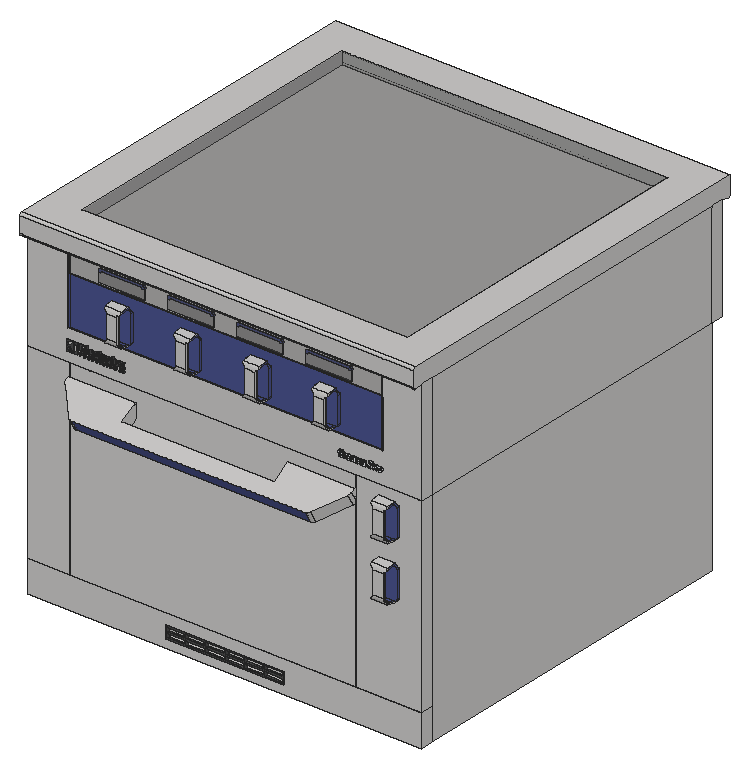
Revit family "QF_ELECTROLUXPROFESSIONAL_588427_MAIMEAH8AO", category Attrezzature speciali, Revit 2020
Family settings
  Quota connettore circolare = Usa diametro
  Tipo di parte = Normale
  Basato su piano di lavoro = No
  Sempre verticale = Sì
  Taglio con vuoti quando caricato = No
  Condiviso = No
  Punto di calcolo locali = No
Parameters (values of type "Standard")
  Weight = 121.00 kg
  Watts = 25000 W
  Volts = 400 V
  URL Manufacturer = "https://www.electroluxprofessional.com/"
  URL = "https://www.electroluxprofessional.com/"
  Steam Supply Size = 0"
  Steam Supply Minimum Pressure = 0.00 psi
  Steam Supply Maximum Pressure = 0.00 psi
  Steam Consumption per Hour = 0
  Refrigeration Suction Line Size = 0 mm
  Refrigeration Liquid Line Size = 0 mm
  Refrigerant Compressor Remote = yes
  Prospetto di default = 0 mm
  Phase = 3
  Modello = "MAIMEAH8AO"
  Produttore = "Electrolux Professional"
  Length Actual = 800 mm  # constant formula
  Item Number = "588427"
  Hot Water Size = 0"
  Height Actual = 700 mm  # constant formula
  HP = "33.5 HP"
  Gas Size = 0"
  Gas KW = 0
  Gas Input Pressure = 0.0 Btu/h
  Direct Waste Size = 0"
  Descrizione = "INDUCTION,4Z,ST.OVEN,1S,800X800X700H"
  Depth Actual = 800 mm  # constant formula
  Cycle = 50 Hz
  Condensate Return Size = 0"
  Compressed Air Volume = 0 GPM
  Compressed Air Size = 0"
  Compressed Air Pressure = 0.00 psi
  Cold Water Size = 0"
  Accessory = yes
Reference planes
  plane 1 "BACK": y = 0
  plane 2: z = 0
  plane 3 "LEFT": x = 0
  plane 4 "RIGHT": x = 800
  plane 5 "FRONT": y = -800
  plane 6 "TOP": z = 900
  plane 7 "Center (Left/Right)": x = 400
  plane 8: y = -400
  plane 9: z = 200
  plane 10: y = -150
  plane 11 "Panel": y = -755
  plane 12: z = 798
  plane 13: z = 1327
  plane 14: x = 78
  plane 15: x = 722
  plane 16: y = -150
  plane 17: y = -650
  plane 18 "EIx": x = 755
  plane 19 "EIy": y = -585
Forms (mm)
  Extrusion 1, solid, material "QF_Finishes_Stainless Steel"
    sketch origin (-178.969, -4572, 200) x (-1, 0, 0) y (0, -1, 0)
      loop
        line (-178.969, -4527) -> (-178.969, -3817) -> (-978.969, -3817) -> (-978.969, -4527) -> (-178.969, -4527)
    from 450 to 662.969
  Extrusion 2, solid, material "QF_Finishes_Stainless Steel"
    sketch origin (0, 0, 0) x (0, 1, 0) y (0, 0, 1)
      loop
        line (-755, 200) -> (-755, 265) -> (-780, 265) -> (-780, 200) -> (-755, 200)
    from 0 to 800
  Extrusion 3, solid, material "QF_Finishes_Stainless Steel"
    sketch origin (-588.969, -4562, 200) x (-1, 0, 0) y (0, -1, 0)
      loop
        circle (-1343.969, -3977) r 6.35
    from 0 to -11.851
  Extrusion 4, solid, material "QF_Finishes_Stainless Steel"
    sketch origin (400, 296.4, 1219.2) x (0, 1, 0) y (0, 0, 1)
      loop
        line (-296.4, -319.2) -> (-1091.4, -319.2)
        arc (-1091.4, -319.2) -> (-1094.935, -320.664) -> (-1096.4, -324.2) r 5
        line (-1096.4, -324.2) -> (-1096.4, -355.2)
        arc (-1096.4, -355.2) -> (-1094.971, -358.264) -> (-1091.705, -359.139) r 4
        line (-1091.705, -359.139) -> (-1076.4, -356.231) -> (-316.4, -356.231) -> (-301.094, -359.139)
        arc (-301.094, -359.139) -> (-297.829, -358.264) -> (-296.4, -355.2) r 4
        line (-296.4, -355.2) -> (-296.4, -319.2)
    from -400 to 400
  Extrusion 5, solid, material "QF_Finishes_Electrolux_Black Smoke Iluminated"
    sketch origin (0, 0, 900) x (-1, 0, 0) y (0, -1, 0)
      loop
        line (-70, 70) -> (-70, 730) -> (-730, 730) -> (-730, 70) -> (-70, 70)
    from 0 to -20
  Extrusion 6, solid, material "QF_Finishes_Stainless Steel"
    sketch origin (-178.969, -4572, 200) x (-1, 0, 0) y (0, -1, 0)
      loop
        line (-178.969, -4527) -> (-178.969, -3817) -> (-978.969, -3817) -> (-978.969, -4527) -> (-178.969, -4527)
    from 450 to 0
  Extrusion 7, void
    sketch origin (0, -755, 0) x (-1, 0, 0) y (0, 0, 1)
      loop
        line (-520, 216.594) -> (-280, 216.594) -> (-280, 241.594) -> (-520, 241.594) -> (-520, 216.594)
    from 0 to -25
  Extrusion 8, solid, material "QF_Finishes_Black"
    sketch origin (0, -755, 0) x (-1, 0, 0) y (0, 0, 1)
      loop
        line (-280, 241.594) -> (-520, 241.594) -> (-520, 216.594) -> (-280, 216.594) -> (-280, 241.594)
      loop
        line (-282, 239.594) -> (-319.131, 239.594) -> (-319.131, 230.094) -> (-282, 230.094) -> (-282, 239.594)
      loop
        line (-282, 218.594) -> (-282, 228.094) -> (-319.131, 228.094) -> (-319.131, 218.594) -> (-282, 218.594)
      loop
        line (-321.131, 239.594) -> (-359.066, 239.594) -> (-359.066, 230.094) -> (-321.131, 230.094) -> (-321.131, 239.594)
      loop
        line (-399, 239.594) -> (-399, 230.094) -> (-361.066, 230.094) -> (-361.066, 239.594) -> (-399, 239.594)
      loop
        line (-401, 239.594) -> (-438.934, 239.594) -> (-438.934, 230.094) -> (-401, 230.094) -> (-401, 239.594)
      loop
        line (-359.066, 218.594) -> (-321.131, 218.594) -> (-321.131, 228.094) -> (-359.066, 228.094) -> (-359.066, 218.594)
      loop
        line (-361.066, 218.594) -> (-361.066, 228.094) -> (-399, 228.094) -> (-399, 218.594) -> (-361.066, 218.594)
      loop
        line (-401, 228.094) -> (-438.934, 228.094) -> (-438.934, 218.594) -> (-401, 218.594) -> (-401, 228.094)
      loop
        line (-518, 239.594) -> (-518, 230.094) -> (-480.869, 230.094) -> (-480.869, 239.594) -> (-518, 239.594)
      loop
        line (-518, 218.594) -> (-480.869, 218.594) -> (-480.869, 228.094) -> (-518, 228.094) -> (-518, 218.594)
      loop
        line (-478.869, 239.594) -> (-478.869, 230.094) -> (-440.934, 230.094) -> (-440.934, 239.594) -> (-478.869, 239.594)
      loop
        line (-440.934, 218.594) -> (-440.934, 228.094) -> (-478.869, 228.094) -> (-478.869, 218.594) -> (-440.934, 218.594)
    from -25.03 to -20
  Extrusion 9, void
    sketch origin (0, 0, 900) x (-1, 0, 0) y (0, -1, 0)
      loop
        line (-70, 730) -> (-730, 730) -> (-730, 70) -> (-70, 70) -> (-70, 730)
    from 0 to -25
  Extrusion 10, solid, material "QF_Finishes_Stainless Steel"
    sketch origin (400, 296.4, 1219.2) x (0, 1, 0) y (0, 0, 1)
      loop
        line (-341.4, -569.2) -> (-316.4, -569.2) -> (-316.4, -356.231) -> (-341.4, -356.231) -> (-341.4, -569.2)
    from -400 to 400
Cuts and joins
  Extrusion 7 cuts Extrusion 6
  Extrusion 7 cuts Extrusion 2
  Extrusion 9 cuts Extrusion 4
Lines and regions (mm)
  symbolic lines
    curve 1: line (0, 0, 200) -> (800, 0, 200)
    curve 2: line (0, -800, 200) -> (0, 0, 200)
    curve 3: line (800, -800, 200) -> (0, -800, 200)
    curve 4: line (800, 0, 200) -> (800, -800, 200)
    curve 43: line (70, -70, 900) -> (70, -730, 900)
    curve 44: line (730, -70, 900) -> (70, -70, 900)
    curve 45: line (730, -730, 900) -> (730, -70, 900)
    curve 46: line (70, -730, 900) -> (730, -730, 900)
  model lines
    curve 5: line (695.34, -85, 900) -> (104.7, -85, 900)
    curve 6: line (104.7, -85, 900) -> (83.818, -105.882, 900)
    curve 7: line (695.34, -85, 900) -> (716.222, -105.882, 900)
    curve 8: line (695.34, -715.016, 900) -> (104.7, -715.016, 900)
    curve 9: line (104.7, -715.016, 900) -> (83.818, -694.133, 900)
    curve 10: line (695.34, -715.016, 900) -> (716.222, -694.133, 900)
    curve 11: line (111.855, -137.021, 900) -> (111.855, -368.354, 900)
    curve 12: line (111.855, -368.354, 900) -> (129.256, -385.756, 900)
    curve 13: line (111.855, -137.021, 900) -> (129.256, -119.619, 900)
    curve 14: line (195.528, -252.687, 900) -> (293.968, -252.687, 900)
    curve 15: line (377.642, -137.021, 900) -> (377.642, -368.354, 900)
    curve 16: line (377.642, -368.354, 900) -> (360.24, -385.756, 900)
    curve 17: line (377.642, -137.021, 900) -> (360.24, -119.619, 900)
    curve 18: line (244.748, -301.907, 900) -> (244.748, -203.467, 900)
    curve 19: line (688.186, -137.021, 900) -> (688.186, -368.354, 900)
    curve 20: line (688.186, -368.354, 900) -> (670.784, -385.756, 900)
    curve 21: line (688.186, -137.021, 900) -> (670.784, -119.619, 900)
    curve 22: line (604.512, -252.687, 900) -> (506.072, -252.687, 900)
    curve 23: line (422.398, -137.021, 900) -> (422.398, -368.354, 900)
    curve 24: line (422.398, -368.354, 900) -> (439.8, -385.756, 900)
    curve 25: line (422.398, -137.021, 900) -> (439.8, -119.619, 900)
    curve 26: line (555.292, -301.907, 900) -> (555.292, -203.467, 900)
    curve 27: line (111.855, -662.995, 900) -> (111.855, -431.661, 900)
    curve 28: line (111.855, -431.661, 900) -> (129.256, -414.259, 900)
    curve 29: line (111.855, -662.995, 900) -> (129.256, -680.397, 900)
    curve 30: line (195.528, -547.328, 900) -> (293.968, -547.328, 900)
    curve 31: line (377.642, -662.995, 900) -> (377.642, -431.661, 900)
    curve 32: line (377.642, -431.661, 900) -> (360.24, -414.259, 900)
    curve 33: line (377.642, -662.995, 900) -> (360.24, -680.397, 900)
    curve 34: line (244.748, -498.108, 900) -> (244.748, -596.548, 900)
    curve 35: line (688.186, -662.995, 900) -> (688.186, -431.661, 900)
    curve 36: line (688.186, -431.661, 900) -> (670.784, -414.259, 900)
    curve 37: line (688.186, -662.995, 900) -> (670.784, -680.397, 900)
    curve 38: line (604.512, -547.328, 900) -> (506.072, -547.328, 900)
    curve 39: line (422.398, -662.995, 900) -> (422.398, -431.661, 900)
    curve 40: line (422.398, -431.661, 900) -> (439.8, -414.259, 900)
    curve 41: line (422.398, -662.995, 900) -> (439.8, -680.397, 900)
    curve 42: line (555.292, -498.108, 900) -> (555.292, -596.548, 900)
Dimensions and locks
  plane 3 "LEFT" to plane 4 "RIGHT" = 800 mm
  plane 5 "FRONT" to plane 1 "BACK" = 800 mm
  equal spacing: plane 3 "LEFT", plane 7 "Center (Left/Right)", plane 4 "RIGHT"
  equal spacing: plane 5 "FRONT", plane 8, plane 1 "BACK"
  plane 6 "TOP" to level = 900 mm  (x2)
  plane 9 to level = 200 mm
  plane 1 "BACK" to plane 10 to plane 11 "Panel" = 150 mm, 605 mm  (x2)
  plane 6 "TOP" to plane 9 to level = 700 mm, 200 mm
  plane 1 "BACK" to plane 5 "FRONT" = 800 mm
  plane 1 "BACK" to Extrusion 3 = 585 mm
  plane 12 to plane 9 = 598 mm
  plane 13 to plane 6 "TOP" = 427 mm
  plane 6 "TOP" to plane 12 = 102 mm
  plane 14 to plane 3 "LEFT" = 78 mm
  plane 15 to plane 4 "RIGHT" = 78 mm
  locked: plane 1 "BACK" to plane 16 at 150
  locked: plane 16 to plane 17 at 500
  plane 11 "Panel" to plane 5 "FRONT" = 45 mm
  plane 18 "EIx" to plane 4 "RIGHT" = 45 mm
  plane 19 "EIy" to plane 1 "BACK" = 585 mm
  aligned and locked: level to plane 2
  aligned and locked: Extrusion 2 to plane 4 "RIGHT"
  aligned and locked: plane 3 "LEFT" to nested 1
  aligned and locked: nested 4 to plane 4 "RIGHT"
  aligned and locked: nested 4 to plane 11 "Panel"
  aligned and locked: nested 4 to cut or joined group of Extrusion 4, Extrusion 9
  aligned and locked: nested 1 to cut or joined group of Extrusion 6, Extrusion 7
  aligned and locked: Extrusion 10 to plane 3 "LEFT"
  aligned and locked: Extrusion 10 to plane 4 "RIGHT"
Automatic sketch dimensions
  Extrusion 2 sketch curve to plane 9 = 0 mm
  Extrusion 2 sketch curve to plane 11 "Panel" = 0 mm
  Extrusion 2 sketch curve to plane 5 "FRONT" = 20 mm
  plane 9 to Extrusion 2 sketch curve = 65 mm
  Extrusion 3 sketch curve to plane 18 "EIx" = 0 mm
  Extrusion 3 sketch curve to plane 19 "EIy" = 0 mm
  Extrusion 4 sketch curve to plane 5 "FRONT" = 0 mm
  Extrusion 4 sketch curve to plane 6 "TOP" = 0 mm
  Extrusion 4 sketch curve to plane 1 "BACK" = 0 mm
  Extrusion 4 sketch curve to plane 5 "FRONT" = 4 mm
  Extrusion 4 sketch curve to Extrusion 4 sketch curve = 0.695 mm
  Extrusion 4 sketch curve to plane 5 "FRONT" = 5 mm
  Extrusion 4 sketch curve to Extrusion 4 sketch curve = 15.305 mm
  plane 1 "BACK" to Extrusion 4 sketch curve = 20 mm
  plane 1 "BACK" to Extrusion 4 sketch curve = 4.695 mm
  Extrusion 4 sketch curve to Extrusion 4 sketch curve = 4 mm
  Extrusion 4 sketch curve to Extrusion 4 sketch curve = 31 mm
  Extrusion 4 sketch curve to plane 6 "TOP" = 36 mm
  Extrusion 4 sketch curve to Extrusion 4 sketch curve = 2.909 mm
  plane 10 to Extrusion 5 sketch curve = 80 mm
  plane 9 to Extrusion 7 sketch curve = 41.594 mm
  plane 7 "Center (Left/Right)" to Extrusion 7 sketch curve = 120 mm
  Extrusion 7 sketch curve to plane 7 "Center (Left/Right)" = 120 mm
  plane 9 to Extrusion 7 sketch curve = 16.594 mm
  plane 9 to Extrusion 8 sketch curve = 41.594 mm
  plane 7 "Center (Left/Right)" to Extrusion 8 sketch curve = 120 mm
  Extrusion 8 sketch curve to Extrusion 8 sketch curve = 2 mm  (x15)
  Extrusion 8 sketch curve to Extrusion 8 sketch curve = 0 mm  (x16)
  Extrusion 8 sketch curve to Extrusion 8 sketch curve = 37.131 mm  (x2)
  Extrusion 8 sketch curve to Extrusion 8 sketch curve = 37.934 mm  (x3)
  plane 7 "Center (Left/Right)" to Extrusion 8 sketch curve = 1 mm  (x2)
  Extrusion 8 sketch curve to plane 7 "Center (Left/Right)" = 1 mm  (x2)
  plane 9 to Extrusion 8 sketch curve = 18.594 mm  (x4)
  Extrusion 8 sketch curve to Extrusion 8 sketch curve = 9.5 mm  (x6)
  plane 18 "EIx" to Extrusion 9 sketch curve = 25 mm
  plane 14 to Extrusion 9 sketch curve = 8 mm
  plane 10 to Extrusion 9 sketch curve = 80 mm
  plane 11 "Panel" to Extrusion 9 sketch curve = 25 mm
  Extrusion 1 sketch curve to plane 4 "RIGHT" = 0 mm
  Extrusion 1 sketch curve to plane 3 "LEFT" = 0 mm
  Extrusion 1 sketch curve to plane 11 "Panel" = 0 mm
  plane 1 "BACK" to Extrusion 1 sketch curve = 45 mm
  plane 1 "BACK" to curve 1 = 0 mm
  curve 1 to plane 4 "RIGHT" = 0 mm
  curve 2 to plane 3 "LEFT" = 0 mm
  plane 5 "FRONT" to curve 3 = 0 mm
  Extrusion 6 sketch curve to plane 4 "RIGHT" = 0 mm
  Extrusion 6 sketch curve to plane 3 "LEFT" = 0 mm
  Extrusion 6 sketch curve to plane 11 "Panel" = 0 mm
  plane 1 "BACK" to Extrusion 6 sketch curve = 45 mm
  Extrusion 5 sketch curve to plane 15 = 8 mm
  plane 14 to Extrusion 5 sketch curve = 8 mm
  plane 17 to Extrusion 5 sketch curve = 80 mm
  plane 15 to curve 8 = 26.66 mm
  plane 15 to curve 7 = 26.66 mm
  plane 17 to curve 37 = 12.995 mm
  plane 15 to curve 37 = 33.814 mm
  plane 15 to curve 19 = 33.814 mm
  plane 7 "Center (Left/Right)" to curve 23 = 22.398 mm
  plane 7 "Center (Left/Right)" to curve 39 = 22.398 mm
  curve 15 to plane 7 "Center (Left/Right)" = 22.358 mm
  curve 33 to plane 7 "Center (Left/Right)" = 22.358 mm
  curve 27 to plane 14 = 33.855 mm
  curve 11 to plane 14 = 33.855 mm
  curve 8 to plane 14 = 26.7 mm
  curve 5 to plane 14 = 26.7 mm
  plane 17 to curve 33 = 12.995 mm
  plane 17 to curve 29 = 12.995 mm
  curve 36 to plane 8 = 31.661 mm
  curve 32 to plane 8 = 31.661 mm
  curve 39 to plane 8 = 31.661 mm
  curve 28 to plane 8 = 31.661 mm
  plane 8 to curve 11 = 31.646 mm
  plane 8 to curve 15 = 31.646 mm
  plane 8 to curve 24 = 31.646 mm
  plane 8 to curve 20 = 31.646 mm
  plane 10 to curve 15 = 12.979 mm
  plane 10 to curve 13 = 12.979 mm
  plane 10 to curve 23 = 12.979 mm
  plane 10 to curve 19 = 12.979 mm
  curve 5 to curve 19 = 52.021 mm
  plane 17 to curve 39 = 12.995 mm
  plane 11 "Panel" to curve 10 = 39.984 mm
  plane 15 to curve 10 = 5.778 mm
  plane 15 to curve 7 = 5.778 mm
  plane 8 to curve 20 = 14.244 mm
  curve 19 to curve 20 = 17.402 mm
  curve 35 to curve 37 = 17.402 mm  (x2)
  curve 19 to curve 21 = 17.402 mm
  curve 36 to plane 8 = 14.259 mm
  curve 36 to curve 36 = 17.402 mm
  plane 19 "EIy" to curve 38 = 37.672 mm
  plane 15 to curve 38 = 117.488 mm
  plane 15 to curve 22 = 117.488 mm
  curve 22 to curve 26 = 49.22 mm  (x2)
  curve 38 to curve 42 = 49.22 mm
  curve 42 to curve 38 = 49.22 mm  (x2)
  curve 26 to curve 22 = 49.22 mm
  curve 41 to curve 39 = 17.402 mm
  curve 40 to plane 8 = 14.259 mm
  curve 40 to curve 39 = 17.402 mm
  plane 8 to curve 24 = 14.244 mm
  curve 24 to curve 23 = 17.402 mm
  curve 25 to curve 23 = 17.402 mm  (x2)
  curve 31 to curve 33 = 17.402 mm  (x2)
  curve 17 to curve 17 = 17.402 mm  (x2)
  plane 8 to curve 16 = 14.244 mm
  curve 15 to curve 16 = 17.402 mm
  curve 32 to plane 8 = 14.259 mm
  curve 31 to curve 32 = 17.402 mm
  curve 14 to plane 7 "Center (Left/Right)" = 106.032 mm
  plane 19 "EIy" to curve 30 = 37.672 mm
  curve 30 to plane 7 "Center (Left/Right)" = 106.032 mm
  curve 34 to plane 19 "EIy" = 11.548 mm
  curve 30 to curve 34 = 49.22 mm
  curve 14 to curve 18 = 49.22 mm  (x2)
  curve 34 to curve 30 = 49.22 mm  (x2)
  curve 18 to curve 14 = 49.22 mm
  plane 8 to curve 12 = 14.244 mm
  curve 12 to curve 12 = 17.402 mm
  curve 28 to plane 8 = 14.259 mm
  curve 28 to curve 27 = 17.402 mm
  curve 29 to curve 27 = 17.402 mm
  curve 13 to curve 13 = 17.402 mm  (x2)
  curve 9 to plane 14 = 5.818 mm
  curve 6 to plane 14 = 5.818 mm
  curve 42 to plane 19 "EIy" = 11.548 mm
  plane 8 to curve 26 = 98.093 mm
  plane 8 to curve 18 = 98.093 mm
  curve 18 to plane 10 = 53.467 mm
  curve 26 to plane 10 = 53.467 mm
  curve 21 to curve 19 = 17.402 mm
  curve 6 to curve 6 = 20.882 mm
  curve 5 to curve 7 = 20.882 mm
  curve 39 to curve 41 = 17.402 mm
  curve 27 to curve 29 = 17.402 mm
  curve 10 to curve 8 = 20.882 mm
  curve 9 to curve 9 = 20.882 mm
  plane 14 to curve 44 = 8 mm
  plane 1 "BACK" to curve 44 = 70 mm
  curve 44 to plane 15 = 8 mm
  plane 11 "Panel" to curve 43 = 25 mm
  plane 1 "BACK" to Extrusion 10 sketch curve = 45 mm
  plane 1 "BACK" to Extrusion 10 sketch curve = 20 mm
  Extrusion 10 sketch curve to plane 12 = 148 mm
  Extrusion 10 sketch curve to plane 6 "TOP" = 37.031 mm
  radius of Extrusion 3 sketch curve = 6.35 mm
Nested families
  nested 1: "Door_Panel_W800_A" at (300, -755, 0), type "Door_Panel_W800_A"
  nested 2: "FIT Range Control Handle" at (730, -783.167, -372.751), type "FIT Range Control Handle"
  nested 3: "FIT Range Control Handle" at (730, -783.167, -484.751), type "FIT Range Control Handle"
  nested 4: "Front_Panel_W800_4 Knobs" at (202.376, -755, -0.031), type "Front_Panel_W800_4 Knobs"
Connectors
  electrical at (755, -585, 188.149)
    settings: on Extrusion 3, index 1, voltage 400 V, apparent load 33000 VA, apparent load phase1 0 VA, apparent load phase2 0 VA, apparent load phase3 0 VA, power factor 1, load classification "Other", number of poles 1, system type 30, power factor state 1, is connector primary yes, connector utility no, sub classification motor no, connector description "ELECTRICAL CONNECTION"
Definition of nested family "Door_Panel_W800_A"
  Parameters
    Default Elevation = 0 mm
  Reference planes
    plane 1 "Center (Front/Back)": y = 0
    plane 2 "Ref. Level": z = 0
    plane 3: x = 500
    plane 4: x = -300
    plane 5 "Center (Left/Right)": x = 100
    plane 6: x = -215
    plane 7: x = 365
    plane 8 "Manopola": through (-6096, -50.059, 612.389) normal (0, -0.515, 0.8572)
    plane 9 "Top": z = 650
    plane 10: z = 265
    plane 11: z = 200
  Forms (mm)
    Extrusion 1, solid
      sketch origin (100, 0, 0) x (0, 1, 0) y (0, 0, 1)
        loop
          line (-25.03, 650) -> (-25.03, 265) -> (0, 265) -> (0, 650) -> (-25.03, 650)
      from 265 to 400
    Extrusion 2, solid
      sketch origin (100, 0, 0) x (0, 1, 0) y (0, 0, 1)
        loop
          line (-25.03, 650) -> (-25.03, 265) -> (0, 265) -> (0, 650) -> (-25.03, 650)
      from -400 to -315
    Extrusion 3, solid
      sketch origin (100, 0, 0) x (0, 1, 0) y (0, 0, 1)
        loop
          line (-25.03, 650) -> (-25.03, 265) -> (0, 265) -> (0, 650) -> (-25.03, 650)
      from -315 to 265
    Extrusion 4, solid
      sketch origin (0, -283.633, 472.044) x (0, 0.857167, 0.515038) y (-1, 0, 0)
        loop
          line (299.12, -365) -> (299.12, 215) -> (290.982, 215)
          arc (290.982, 215) -> (286.677, 214.026) -> (283.211, 211.293) r 10
          line (283.211, 211.293) -> (233.28, 170.86)
          arc (233.28, 170.86) -> (230.548, 167.394) -> (229.574, 163.089) r 10
          line (229.574, 163.089) -> (229.574, -313.089)
          arc (229.574, -313.089) -> (230.548, -317.394) -> (233.28, -320.86) r 10
          line (233.28, -320.86) -> (283.211, -361.293)
          arc (283.211, -361.293) -> (286.677, -364.026) -> (290.982, -365) r 10
          line (290.982, -365) -> (299.12, -365)
      from -27 to 0
    Extrusion 5, void
      sketch origin (100, 0, 0) x (0, 1, 0) y (0, 0, 1)
        loop
          line (-61.514, 605.507) -> (-47.608, 582.363) -> (-25.03, 595.93) -> (-25.03, 627.429) -> (-61.514, 605.507)
      from -180 to 130
    Extrusion 6, solid, detail levels coarse
      sketch origin (100, 0, 0) x (0, 1, 0) y (0, 0, 1)
        loop
          line (-25.03, 265) -> (-25.03, 650)
          arc (-25.03, 650) -> (-297.266, 537.236) -> (-410.03, 265) r 385
          line (-410.03, 265) -> (-25.03, 265)
      from -315 to 265
  Cuts and joins
    Extrusion 5 cuts Extrusion 4
    joined: Extrusion 3, Extrusion 4
  Lines and regions (mm)
    symbolic lines
      curve 1: line (-207.355, -45.043, 0) -> (-170.86, -83.673, 0)
      curve 2: line (-163.089, -86.85, 0) -> (313.089, -86.85, 0)
      curve 3: line (320.86, -83.673, 0) -> (357.355, -45.043, 0)
      curve 4: arc (-163.089, -86.85, 0) -> (-167.318, -86.101, 0) -> (-170.86, -83.673, 0) r 10.165
      curve 5: arc (313.089, -86.85, 0) -> (317.318, -86.101, 0) -> (320.86, -83.673, 0) r 10.165
      curve 6: line (-215, -45.043, 0) -> (-215, -410.03, 0)
      curve 7: line (-215, -410.03, 0) -> (365, -410.03, 0)
      curve 8: line (365, -410.03, 0) -> (365, -45.03, 0)
  Dimensions and locks
    plane 3 to plane 4 = 800 mm
    plane 4 to plane 3 = 800 mm
    equal spacing: plane 3, plane 5 "Center (Left/Right)", plane 4
    plane 6 to plane 4 = 85 mm
    plane 3 to plane 7 = 135 mm
    plane 11 to level = 200 mm
    plane 10 to plane 11 = 65 mm
    plane 10 to plane 9 "Top" = 385 mm
    plane 9 "Top" to plane 11 = 450 mm
    aligned and locked: plane 3 to Extrusion 1
    aligned and locked: cut or joined group of Extrusion 3, Extrusion 4, Extrusion 5 to plane 6
    aligned and locked: cut or joined group of Extrusion 3, Extrusion 4, Extrusion 5 to plane 7
    aligned and locked: plane 7 to Extrusion 1
    aligned and locked: plane 6 to Extrusion 2
    aligned and locked: Extrusion 2 to plane 4
    aligned and locked: plane 10 to Extrusion 2
    aligned and locked: plane 10 to cut or joined group of Extrusion 3, Extrusion 4, Extrusion 5
    aligned and locked: plane 10 to Extrusion 1
    aligned and locked: Extrusion 6 to plane 6
    aligned and locked: Extrusion 6 to plane 7
  Automatic sketch dimensions
    Extrusion 5 sketch curve to plane 8 "Manopola" = 0 mm  (x2)
    plane 1 "Center (Front/Back)" to Extrusion 5 sketch curve = 61.514 mm
    Extrusion 5 sketch curve to Extrusion 5 sketch curve = 13.906 mm
    plane 1 "Center (Front/Back)" to Extrusion 5 sketch curve = 25.03 mm
    Extrusion 4 sketch curve to plane 7 = 0 mm
    Extrusion 4 sketch curve to plane 6 = 0 mm
    plane 6 to Extrusion 4 sketch curve = 51.911 mm
    plane 7 to Extrusion 4 sketch curve = 44.14 mm
    Extrusion 4 sketch curve to Extrusion 4 sketch curve = 3.707 mm  (x2)
    plane 6 to Extrusion 4 sketch curve = 44.14 mm
    plane 7 to Extrusion 4 sketch curve = 3.707 mm
    Extrusion 4 sketch curve to Extrusion 4 sketch curve = 49.93 mm  (x2)
    plane 6 to Extrusion 4 sketch curve = 3.707 mm
    Extrusion 4 sketch curve to Extrusion 4 sketch curve = 7.771 mm  (x3)
    Extrusion 4 sketch curve to Extrusion 4 sketch curve = 8.138 mm
    Extrusion 2 sketch curve to plane 1 "Center (Front/Back)" = 0 mm
    Extrusion 3 sketch curve to plane 1 "Center (Front/Back)" = 0 mm
    Extrusion 1 sketch curve to plane 1 "Center (Front/Back)" = 0 mm
    Extrusion 2 sketch curve to plane 9 "Top" = 0 mm
    Extrusion 2 sketch curve to Extrusion 2 sketch curve = 25.03 mm
    Extrusion 3 sketch curve to plane 9 "Top" = 0 mm
    Extrusion 3 sketch curve to Extrusion 3 sketch curve = 25.03 mm
    Extrusion 1 sketch curve to plane 9 "Top" = 0 mm
    plane 1 "Center (Front/Back)" to Extrusion 1 sketch curve = 25.03 mm
    level to Extrusion 1 sketch curve = 265 mm
    level to Extrusion 2 sketch curve = 265 mm
    level to Extrusion 3 sketch curve = 265 mm
    plane 10 to Extrusion 6 sketch curve = 0 mm
    Extrusion 6 sketch curve to plane 9 "Top" = 0 mm
    plane 1 "Center (Front/Back)" to Extrusion 6 sketch curve = 25.03 mm
    curve 7 to plane 7 = 0 mm
    plane 6 to curve 1 = 44.14 mm
    curve 4 to curve 4 = 7.389 mm
    curve 4 to curve 2 = 7.771 mm
    plane 7 to curve 2 = 51.911 mm
    curve 2 to curve 5 = 0.382 mm
    curve 2 to curve 3 = 7.771 mm
    plane 1 "Center (Front/Back)" to curve 6 = 410.03 mm
    plane 1 "Center (Front/Back)" to curve 2 = 86.85 mm
    curve 2 to curve 3 = 3.177 mm
    curve 2 to curve 1 = 3.177 mm
    plane 7 to curve 3 = 7.645 mm
    plane 1 "Center (Front/Back)" to curve 3 = 45.043 mm
    curve 3 to curve 8 = 0.013 mm
    curve 7 to plane 6 = 0 mm
    curve 6 to curve 1 = 7.645 mm
    plane 1 "Center (Front/Back)" to curve 1 = 45.043 mm
    curve 6 to curve 1 = 0 mm
Definition of nested family "FIT Range Control Handle"
  Parameters
    Default Elevation = 0 mm
  Reference planes
    plane 1 "Center (Front/Back)": y = 0
    plane 2: z = 0
    plane 3 "Center (Left/Right)": x = 0
    plane 4: z = 971.092
    plane 5: y = -16.8
  Forms (mm)
    Extrusion 1, solid
      sketch origin (-746.28, 380.497, 208.931) x (-1, 0, 0) y (0, 0, 1)
        loop
          line (-770.101, 786.798) -> (-770.101, 731.649)
          arc (-770.101, 731.649) -> (-769.759, 730.563) -> (-768.855, 729.87) r 1.893
          line (-768.855, 729.87) -> (-763.474, 727.911) -> (-729.81, 727.911) -> (-724.428, 729.87)
          arc (-724.428, 729.87) -> (-723.525, 730.563) -> (-723.183, 731.649) r 1.893
          line (-723.183, 731.649) -> (-723.183, 786.798)
          arc (-723.183, 786.798) -> (-723.529, 787.894) -> (-724.44, 788.593) r 1.91
          line (-724.44, 788.593) -> (-729.683, 790.819) -> (-763.601, 790.819) -> (-768.844, 788.593)
          arc (-768.844, 788.593) -> (-769.755, 787.894) -> (-770.101, 786.798) r 1.91
      from -382.35 to -378.852
    Sweep 2, solid
      path origin (-746.788, 380.496, 208.091) x (0, -1, 0) y (0, 0, 1)
        loop
          line (379.775, 793.281) -> (395.661, 791.048)
          arc (395.661, 791.048) -> (397.781, 787.377) -> (398.517, 783.202) r 12.207
          line (398.517, 783.202) -> (398.517, 737.368)
          arc (398.517, 737.368) -> (397.781, 733.193) -> (395.661, 729.522) r 12.207
          line (395.661, 729.522) -> (379.775, 727.289)
      profile origin (-746.788, -7.222, 1000.256) x (0, -0.139173, 0.990268) y (-1, 0, 0)
        loop
          line (0.782, -763.123) -> (0.782, -730.907) -> (-1.322, -730.907) -> (-1.322, -763.123) -> (0.782, -763.123)
    Sweep 3, solid
      path origin (-746.788, 380.715, 207.832) x (0, -1, 0) y (0, 0, 1)
        loop
          line (380.478, 795.442) -> (397.218, 793.09)
          arc (397.218, 793.09) -> (399.929, 788.473) -> (400.871, 783.202) r 15.207
          line (400.871, 783.202) -> (400.871, 737.584)
          arc (400.871, 737.584) -> (399.914, 732.274) -> (397.164, 727.633) r 15.207
          line (397.164, 727.633) -> (380.601, 725.305)
      profile origin (-746.788, -8.132, 1002.099) x (0, -0.139173, 0.990268) y (-1, 0, 0)
        loop
          line (0.782, -763.123) -> (0.782, -730.907) -> (-1.322, -730.907) -> (-1.322, -763.123) -> (0.782, -763.123)
    Extrusion 4, void
      sketch origin (889.253, 220.666, 207.993) x (1, 0, 0) y (0, 0, 1)
        loop
          line (-943.038, 816.854) -> (-943.038, 703.686) -> (-899.466, 734.196) -> (-899.466, 786.344) -> (-943.038, 816.854)
      from 230.636 to 242.25
    Extrusion 5, void
      sketch origin (-888.8, 220.666, 207.993) x (-1, 0, 0) y (0, 0, -1)
        loop
          line (-943.038, -816.854) -> (-899.466, -786.344) -> (-899.466, -734.196) -> (-943.038, -703.686) -> (-943.038, -816.854)
      from 230.636 to 242.25
    Extrusion 6, solid
      sketch origin (0, 0, 0) x (1, 0, 0) y (0, 0, 1)
        loop
          circle (0, 971.092) r 7.736
      from -3.137 to -1.645
  Cuts and joins
    Extrusion 4, Extrusion 5 cuts Sweep 3
    Extrusion 4, Extrusion 5 cuts Sweep 2
    joined: Extrusion 1, Extrusion 6
  Lines and regions (mm)
    symbolic lines
      curve 1: line (-15.881, -19.189, 0) -> (-15.881, -16.8, 0)
      curve 2: line (16.334, -19.189, 0) -> (16.334, -16.8, 0)
      curve 3: spline (-15.881, -19.189, 0) -> (-15.417, -19.349, 0) -> (-14.951, -19.501, 0) -> (-14.483, -19.646, 0) -> (-14.014, -19.783, 0) -> (-13.543, -19.912, 0) -> (-13.071, -20.033, 0) -> (-12.597, -20.146, 0) -> (-12.122, -20.251, 0) -> (-11.646, -20.349, 0) -> (-11.169, -20.438, 0) -> (-10.691, -20.52, 0) -> (-10.213, -20.593, 0)
      curve 4: spline (10.666, -20.593, 0) -> (11.144, -20.52, 0) -> (11.622, -20.438, 0) -> (12.099, -20.349, 0) -> (12.575, -20.251, 0) -> (13.05, -20.146, 0) -> (13.524, -20.033, 0) -> (13.996, -19.912, 0) -> (14.467, -19.783, 0) -> (14.936, -19.646, 0) -> (15.404, -19.501, 0) -> (15.87, -19.349, 0) -> (16.334, -19.189, 0)
      curve 5: line (-10.213, -20.938, 0) -> (10.716, -20.938, 0)
  Dimensions and locks
    cut or joined group of Sweep 3, Extrusion 4, Extrusion 5 to cut or joined group of Sweep 3, Extrusion 4, Extrusion 5 = 71.686 mm
Definition of nested family "Front_Panel_W800_4 Knobs"
  Parameters
    Default Elevation = 0 mm
  Reference planes
    plane 1 "Center (Front/Back)": y = 0
    plane 2: z = 0
    plane 3 "Center (Left/Right)": x = 197.624
    plane 4 "Left": x = -202.376
    plane 5 "Right": x = 597.624
    plane 6: y = -45
    plane 7: x = -12.376
    plane 8: x = 127.624
    plane 9: y = -310
    plane 10: y = -25
    plane 11: x = 517.624
    plane 12: x = -122.376
  Forms (mm)
    Extrusion 1, solid
      sketch origin (833.217, 829.203, -1.25) x (0, 1, 0) y (0, 0, 1)
        loop
          line (-854.203, 651.25) -> (-829.203, 651.25) -> (-829.203, 864.25) -> (-854.203, 864.25) -> (-854.203, 651.25)
      from -1035.593 to -235.593
    Extrusion 2, void
      sketch origin (0, 0, 0) x (1, 0, 0) y (0, 0, 1)
        loop
          line (-122.376, 853.866) -> (-122.376, 711.866) -> (517.624, 711.866) -> (517.624, 853.866) -> (-122.376, 853.866)
      from 19.387 to 33.951
  Cuts and joins
    Extrusion 2 cuts Extrusion 1
  Dimensions and locks
    equal spacing: plane 5 "Right", plane 3 "Center (Left/Right)", plane 4 "Left"
    plane 5 "Right" to plane 4 "Left" = 800 mm
    plane 3 "Center (Left/Right)" to plane 7 = 210 mm
    plane 3 "Center (Left/Right)" to plane 8 = 70 mm
    plane 6 to plane 9 = 265 mm
    aligned and locked: cut or joined group of Extrusion 1, Extrusion 2 to plane 4 "Left"
    aligned and locked: plane 5 "Right" to cut or joined group of Extrusion 1, Extrusion 2
    aligned and locked: plane 3 "Center (Left/Right)" to nested 2
    aligned and locked: cut or joined group of Extrusion 1, Extrusion 2 to nested 2
  Automatic sketch dimensions
    Extrusion 1 sketch curve to plane 1 "Center (Front/Back)" = 0 mm
    level to Extrusion 1 sketch curve = 650 mm
    plane 4 "Left" to Extrusion 2 sketch curve = 80 mm
    Extrusion 2 sketch curve to plane 5 "Right" = 80 mm
    level to Extrusion 2 sketch curve = 711.866 mm
    Extrusion 2 sketch curve to Extrusion 2 sketch curve = 142 mm
    Extrusion 1 sketch curve to plane 6 = 20 mm
    Extrusion 1 sketch curve to Extrusion 1 sketch curve = 213 mm
  Nested families
    nested 1: "Range Control Handle" at (-12.376, -28.137, -209.113) x (-1, 0, 0) z (0, 0, 1), type "Range Control Handle"
    nested 2: "Front glass control panel W800" at (197.624, 280.644, 2.752), type "Front glass control panel W800"
    nested 3: "Range Control Handle" at (127.624, -28.137, -209.113) x (-1, 0, 0) z (0, 0, 1), type "Range Control Handle"
    nested 4: "Range Control Handle" at (407.624, -28.137, -209.113), type "Range Control Handle"
    nested 5: "Range Control Handle" at (267.624, -28.137, -209.113), type "Range Control Handle"
    nested 6: "ELX_ThermaLine_Small" at (468.838, -25, 679.426) x (1, 0, 0) z (0, -1, 0), type "ELX_ThermaLine_Small"
      with Show Logo yes, Material_Logo none
    nested 7: "ELX_Professional_Logo_Small" at (-62.89, -25, 681.659) x (1, 0, 0) z (0, -1, 0), type "ELX_Professional_Logo_Small"
      with Show Logo yes, Material_Logo none
  Definition of nested family "Range Control Handle"
    Parameters
      Default Elevation = 0 mm
    Reference planes
      plane 1 "Center (Front/Back)": y = 0
      plane 2: z = 0
      plane 3 "Center (Left/Right)": x = 0
      plane 4: z = 971.092
      plane 5: y = -16.9
    Forms (mm)
      Extrusion 1, solid
        sketch origin (-746.28, 380.497, 208.931) x (-1, 0, 0) y (0, 0, 1)
          loop
            line (-770.101, 786.798) -> (-770.101, 731.649)
            arc (-770.101, 731.649) -> (-769.759, 730.563) -> (-768.855, 729.87) r 1.893
            line (-768.855, 729.87) -> (-763.474, 727.911) -> (-729.81, 727.911) -> (-724.428, 729.87)
            arc (-724.428, 729.87) -> (-723.525, 730.563) -> (-723.183, 731.649) r 1.893
            line (-723.183, 731.649) -> (-723.183, 786.798)
            arc (-723.183, 786.798) -> (-723.529, 787.894) -> (-724.44, 788.593) r 1.91
            line (-724.44, 788.593) -> (-729.683, 790.819) -> (-763.601, 790.819) -> (-768.844, 788.593)
            arc (-768.844, 788.593) -> (-769.755, 787.894) -> (-770.101, 786.798) r 1.91
        from -382.35 to -378.852
      Sweep 2, solid
        path origin (-746.788, 380.496, 208.091) x (0, -1, 0) y (0, 0, 1)
          loop
            line (379.775, 793.281) -> (395.661, 791.048)
            arc (395.661, 791.048) -> (397.781, 787.377) -> (398.517, 783.202) r 12.207
            line (398.517, 783.202) -> (398.517, 737.368)
            arc (398.517, 737.368) -> (397.781, 733.193) -> (395.661, 729.522) r 12.207
            line (395.661, 729.522) -> (379.775, 727.289)
        profile origin (-746.788, -7.222, 1000.256) x (0, -0.139173, 0.990268) y (-1, 0, 0)
          loop
            line (0.782, -763.123) -> (0.782, -730.907) -> (-1.322, -730.907) -> (-1.322, -763.123) -> (0.782, -763.123)
      Sweep 3, solid
        path origin (-746.788, 380.715, 207.832) x (0, -1, 0) y (0, 0, 1)
          loop
            line (380.478, 795.442) -> (397.218, 793.09)
            arc (397.218, 793.09) -> (399.929, 788.473) -> (400.871, 783.202) r 15.207
            line (400.871, 783.202) -> (400.871, 737.584)
            arc (400.871, 737.584) -> (399.914, 732.274) -> (397.164, 727.633) r 15.207
            line (397.164, 727.633) -> (380.601, 725.305)
        profile origin (-746.788, -8.132, 1002.099) x (0, -0.139173, 0.990268) y (-1, 0, 0)
          loop
            line (0.782, -763.123) -> (0.782, -730.907) -> (-1.322, -730.907) -> (-1.322, -763.123) -> (0.782, -763.123)
      Extrusion 4, void
        sketch origin (889.253, 220.666, 207.993) x (1, 0, 0) y (0, 0, 1)
          loop
            line (-943.038, 816.854) -> (-943.038, 703.686) -> (-899.466, 734.196) -> (-899.466, 786.344) -> (-943.038, 816.854)
        from 230.636 to 242.25
      Extrusion 5, void
        sketch origin (-888.8, 220.666, 207.993) x (-1, 0, 0) y (0, 0, -1)
          loop
            line (-943.038, -816.854) -> (-899.466, -786.344) -> (-899.466, -734.196) -> (-943.038, -703.686) -> (-943.038, -816.854)
        from 230.636 to 242.25
      Extrusion 6, solid
        sketch origin (0, 0, 0) x (1, 0, 0) y (0, 0, 1)
          loop
            circle (0, 971.092) r 7.736
        from -3.137 to -1.645
    Cuts and joins
      Extrusion 4, Extrusion 5 cuts Sweep 3
      Extrusion 4, Extrusion 5 cuts Sweep 2
      joined: Extrusion 1, Extrusion 6
    Lines and regions (mm)
      symbolic lines
        curve 1: line (16.334, -16.9, 0) -> (16.334, -19.227, 0)
        curve 2: spline (16.334, -19.227, 0) -> (15.87, -19.385, 0) -> (15.404, -19.536, 0) -> (14.936, -19.678, 0) -> (14.466, -19.813, 0) -> (13.995, -19.94, 0) -> (13.523, -20.059, 0) -> (13.049, -20.171, 0) -> (12.575, -20.274, 0) -> (12.099, -20.37, 0) -> (11.622, -20.458, 0) -> (11.144, -20.537, 0) -> (10.666, -20.609, 0)
        curve 3: line (10.666, -16.9, 0) -> (10.666, -20.938, 0)
        curve 4: line (-10.213, -20.938, 0) -> (10.666, -20.938, 0)
        curve 5: line (-10.213, -20.938, 0) -> (-10.213, -16.9, 0)
        curve 6: spline (-10.213, -20.609, 0) -> (-10.691, -20.537, 0) -> (-11.169, -20.458, 0) -> (-11.646, -20.37, 0) -> (-12.122, -20.274, 0) -> (-12.597, -20.171, 0) -> (-13.07, -20.059, 0) -> (-13.542, -19.94, 0) -> (-14.013, -19.813, 0) -> (-14.483, -19.678, 0) -> (-14.951, -19.536, 0) -> (-15.417, -19.385, 0) -> (-15.881, -19.227, 0)
        curve 7: line (-15.881, -19.227, 0) -> (-15.881, -16.9, 0)
  Definition of nested family "Front glass control panel W800"
    Parameters
      Default Elevation = 0 mm
    Reference planes
      plane 1 "Center (Front/Back)": y = 0
      plane 2: z = 0
      plane 3 "Center (Left/Right)": x = 0
    Forms (mm)
      Extrusion 1, solid
        sketch origin (378.286, 0, 0.617) x (1, 0, 0) y (0, 0, 1)
          loop
            line (-698.286, 806.791) -> (-698.286, 708.497) -> (-58.286, 708.497) -> (-58.286, 806.791) -> (-698.286, 806.791)
        from 300.031 to 304.8
      Extrusion 2, solid
        sketch origin (378.286, 0, 0.617) x (1, 0, 0) y (0, 0, 1)
          loop
            line (-698.286, 850.497) -> (-698.286, 806.791) -> (-58.286, 806.791) -> (-58.286, 850.497) -> (-698.286, 850.497)
        from 300.031 to 304.8
      Extrusion 3, void
        sketch origin (378.286, 0, 0.617) x (1, 0, 0) y (0, 0, 1)
          loop
            line (-695.628, 847.565) -> (-695.628, 710.699) -> (-61.196, 710.699) -> (-61.196, 847.565) -> (-695.628, 847.565)
        from 303.697 to 304.8
      Extrusion 4, solid
        sketch origin (-378.333, 1.101, -0.633) x (-1, 0, 0) y (0, 0, -1)
          loop
            line (-261.431, -812.62) -> (-355.186, -812.62) -> (-355.186, -834.177) -> (-350.269, -834.177) -> (-348.469, -835.977) -> (-268.039, -835.977) -> (-266.24, -834.177) -> (-261.431, -834.177) -> (-261.431, -812.62)
        from 304.798 to 306.745
      Extrusion 5, solid
        sketch origin (-378.333, 1.101, -0.633) x (-1, 0, 0) y (0, 0, -1)
          loop
            line (-350.269, -834.177) -> (-355.078, -834.177)
            arc (-355.078, -834.177) -> (-353.942, -838.747) -> (-349.686, -840.763) r 5.5
            line (-349.686, -840.763) -> (-266.98, -840.763)
            arc (-266.98, -840.763) -> (-262.706, -838.752) -> (-261.529, -834.177) r 5.549
            line (-261.529, -834.177) -> (-266.24, -834.177) -> (-268.039, -835.977) -> (-348.469, -835.977) -> (-350.269, -834.177)
        from 304.798 to 306.745
      Extrusion 6, solid
        sketch origin (-518.333, 1.101, -0.633) x (-1, 0, 0) y (0, 0, -1)
          loop
            line (-261.431, -812.62) -> (-355.186, -812.62) -> (-355.186, -834.177) -> (-350.269, -834.177) -> (-348.469, -835.977) -> (-268.039, -835.977) -> (-266.24, -834.177) -> (-261.431, -834.177) -> (-261.431, -812.62)
        from 304.798 to 306.745
      Extrusion 7, solid
        sketch origin (-518.333, 1.101, -0.633) x (-1, 0, 0) y (0, 0, -1)
          loop
            line (-350.269, -834.177) -> (-355.078, -834.177)
            arc (-355.078, -834.177) -> (-353.942, -838.747) -> (-349.686, -840.763) r 5.5
            line (-349.686, -840.763) -> (-266.98, -840.763)
            arc (-266.98, -840.763) -> (-262.706, -838.752) -> (-261.529, -834.177) r 5.549
            line (-261.529, -834.177) -> (-266.24, -834.177) -> (-268.039, -835.977) -> (-348.469, -835.977) -> (-350.269, -834.177)
        from 304.798 to 306.745
      Extrusion 8, solid
        sketch origin (378.333, 1.101, -0.633) x (1, 0, 0) y (0, 0, 1)
          loop
            line (-261.431, 812.62) -> (-261.431, 834.177) -> (-266.24, 834.177) -> (-268.039, 835.977) -> (-348.469, 835.977) -> (-350.269, 834.177) -> (-355.186, 834.177) -> (-355.186, 812.62) -> (-261.431, 812.62)
        from 304.798 to 306.745
      Extrusion 9, solid
        sketch origin (378.333, 1.101, -0.633) x (1, 0, 0) y (0, 0, 1)
          loop
            line (-350.269, 834.177) -> (-348.469, 835.977) -> (-268.039, 835.977) -> (-266.24, 834.177) -> (-261.529, 834.177)
            arc (-261.529, 834.177) -> (-262.706, 838.752) -> (-266.98, 840.763) r 5.549
            line (-266.98, 840.763) -> (-349.686, 840.763)
            arc (-349.686, 840.763) -> (-353.942, 838.747) -> (-355.078, 834.177) r 5.5
            line (-355.078, 834.177) -> (-350.269, 834.177)
        from 304.798 to 306.745
      Extrusion 10, solid
        sketch origin (518.333, 1.101, -0.633) x (1, 0, 0) y (0, 0, 1)
          loop
            line (-261.431, 812.62) -> (-261.431, 834.177) -> (-266.24, 834.177) -> (-268.039, 835.977) -> (-348.469, 835.977) -> (-350.269, 834.177) -> (-355.186, 834.177) -> (-355.186, 812.62) -> (-261.431, 812.62)
        from 304.798 to 306.745
      Extrusion 11, solid
        sketch origin (518.333, 1.101, -0.633) x (1, 0, 0) y (0, 0, 1)
          loop
            line (-350.269, 834.177) -> (-348.469, 835.977) -> (-268.039, 835.977) -> (-266.24, 834.177) -> (-261.529, 834.177)
            arc (-261.529, 834.177) -> (-262.706, 838.752) -> (-266.98, 840.763) r 5.549
            line (-266.98, 840.763) -> (-349.686, 840.763)
            arc (-349.686, 840.763) -> (-353.942, 838.747) -> (-355.078, 834.177) r 5.5
            line (-355.078, 834.177) -> (-350.269, 834.177)
        from 304.798 to 306.745
    Cuts and joins
      Extrusion 3 cuts Extrusion 1
      Extrusion 3 cuts Extrusion 2
    Dimensions and locks
      aligned and locked: Extrusion 1 to Extrusion 2
      aligned and locked: Extrusion 5 sketch curve to Extrusion 4  (x5)
      aligned and locked: Extrusion 5 to Extrusion 4
      aligned and locked: Extrusion 7 sketch curve to Extrusion 6  (x5)
      aligned and locked: Extrusion 7 to Extrusion 6
      aligned and locked: Extrusion 9 sketch curve to Extrusion 8  (x4)
      aligned and locked: Extrusion 8 to Extrusion 9 sketch curve
      aligned and locked: Extrusion 9 to Extrusion 8
      aligned and locked: Extrusion 11 sketch curve to Extrusion 10  (x4)
      aligned and locked: Extrusion 10 to Extrusion 11 sketch curve
      aligned and locked: Extrusion 11 to Extrusion 10
  Definition of nested family "ELX_ThermaLine_Small"
    Parameters
      Show Logo [instance] = yes
      Material_Logo [instance] = none
      Default Elevation = 0 mm
    Reference planes
      plane 1 "Centro (Fronte/Retro)": y = 0
      plane 2: z = 0
      plane 3 "Centro (Sinistra/Destra)": x = 0
    Forms (mm)
      Extrusion 1, solid
        sketch origin (0, 0, 0) x (1, 0, 0) y (0, 1, 0)
          loop
            line (-1219.2, 1219.2) -> (-1219.2, -1219.2) -> (1219.2, -1219.2) -> (1219.2, 1219.2) -> (-1219.2, 1219.2)
        from 0 to -304.8
      Extrusion 2, solid
        sketch origin (0, 0, 0) x (1, 0, 0) y (0, 1, 0)
          loop
            line (-37.494, 1.229) -> (-35.908, 1.229) -> (-35.908, 3.066) -> (-37.494, 3.066) -> (-37.494, 6.221) -> (-39.867, 4.881) -> (-39.867, 3.066) -> (-40.969, 3.066) -> (-40.969, 1.229) -> (-39.867, 1.229) -> (-39.867, -3.407)
            arc (-39.867, -3.407) -> (-38.982, -5.513) -> (-36.751, -6.001) r 2.478
            line (-36.751, -6.001) -> (-35.638, -5.7) -> (-35.9, -3.835) -> (-36.661, -4.039)
            arc (-36.661, -4.039) -> (-37.236, -3.924) -> (-37.494, -3.399) r 0.662
            line (-37.494, -3.399) -> (-37.494, 1.229)
          loop
            line (-34.242, 6.539) -> (-34.242, -5.848) -> (-31.854, -5.848) -> (-31.854, -0.078)
            arc (-31.854, -0.078) -> (-30.939, 1.249) -> (-29.33, 1.367) r 1.866
            arc (-29.33, 1.367) -> (-28.695, 0.768) -> (-28.461, -0.073) r 1.627
            line (-28.461, -0.073) -> (-28.461, -5.848) -> (-26.086, -5.848) -> (-26.064, -0.46)
            arc (-26.064, -0.46) -> (-26.261, 0.932) -> (-26.786, 2.237) r 5.825
            arc (-26.786, 2.237) -> (-29.381, 3.264) -> (-31.854, 1.971) r 3.353
            line (-31.854, 1.971) -> (-31.854, 6.539) -> (-34.242, 6.539)
          loop
            arc (-18.398, -0.598) -> (-18.893, 0.879) -> (-20.326, 1.487) r 1.897
            arc (-20.326, 1.487) -> (-21.461, 0.708) -> (-21.897, -0.598) r 2.164
            line (-21.897, -0.598) -> (-18.398, -0.598)
          loop
            arc (-16.021, -2.044) -> (-16.754, 1.227) -> (-19.444, 3.226) r 4.814
            arc (-19.444, 3.226) -> (-22.137, 2.788) -> (-23.943, 0.743) r 4.054
            arc (-23.943, 0.743) -> (-24.382, -1.249) -> (-24.162, -3.276) r 6.289
            arc (-24.162, -3.276) -> (-23.302, -4.71) -> (-21.958, -5.705) r 4.28
            arc (-21.958, -5.705) -> (-18.558, -5.814) -> (-16.152, -3.409) r 4.28
            line (-16.152, -3.409) -> (-18.5, -2.995)
            arc (-18.5, -2.995) -> (-19.273, -3.994) -> (-20.533, -4.076) r 1.536
            arc (-20.533, -4.076) -> (-21.56, -3.281) -> (-21.958, -2.044) r 2.197
            line (-21.958, -2.044) -> (-16.021, -2.044)
          loop
            line (-14.165, -5.848) -> (-11.819, -5.848) -> (-11.819, -2.138)
            arc (-11.819, -2.138) -> (-11.787, -1.156) -> (-11.637, -0.185) r 8.18
            arc (-11.637, -0.185) -> (-10.644, 0.972) -> (-9.132, 0.776) r 1.603
            line (-9.132, 0.776) -> (-8.419, 2.846)
            arc (-8.419, 2.846) -> (-10.432, 3.118) -> (-11.994, 1.821) r 2.527
            line (-11.994, 1.821) -> (-11.994, 3.094) -> (-14.165, 3.094) -> (-14.165, -5.848)
          loop
            line (-7.579, 3.094) -> (-7.579, -5.848) -> (-5.178, -5.848) -> (-5.178, -0.756)
            arc (-5.178, -0.756) -> (-4.727, 0.679) -> (-3.417, 1.419) r 2.05
            arc (-3.417, 1.419) -> (-2.499, 0.908) -> (-2.155, -0.085) r 1.471
            line (-2.155, -0.085) -> (-2.155, -5.848) -> (0.23, -5.848) -> (0.23, -1.001)
            arc (0.23, -1.001) -> (0.47, 0.127) -> (1.148, 1.061) r 2.775
            arc (1.148, 1.061) -> (2.225, 1.329) -> (3.05, 0.587) r 1.182
            arc (3.05, 0.587) -> (3.199, -0.019) -> (3.214, -0.642) r 2.894
            line (3.214, -0.642) -> (3.214, -5.848) -> (5.601, -5.848) -> (5.601, 0.261)
            arc (5.601, 0.261) -> (4.87, 2.263) -> (2.976, 3.241) r 2.932
            arc (2.976, 3.241) -> (1.284, 2.973) -> (-0.047, 1.896) r 3.309
            arc (-0.047, 1.896) -> (-1.116, 2.865) -> (-2.506, 3.258) r 3.16
            arc (-2.506, 3.258) -> (-4.105, 2.942) -> (-5.376, 1.92) r 3.419
            line (-5.376, 1.92) -> (-5.376, 3.094) -> (-7.579, 3.094)
          loop
            line (7.583, 0.738) -> (9.702, 0.364)
            arc (9.702, 0.364) -> (11.441, 1.492) -> (12.855, -0.023) r 1.613
            line (12.855, -0.023) -> (9.782, -0.789)
            arc (9.782, -0.789) -> (8.559, -1.346) -> (7.617, -2.305) r 3.687
            arc (7.617, -2.305) -> (7.499, -3.681) -> (7.901, -5.003) r 3.651
            arc (7.901, -5.003) -> (9.107, -5.766) -> (10.515, -6.006) r 3.635
            arc (10.515, -6.006) -> (11.898, -5.697) -> (13.067, -4.895) r 3.734
            line (13.067, -4.895) -> (13.376, -5.848) -> (15.75, -5.848) -> (15.212, -4.193) -> (15.212, 0.38)
            arc (15.212, 0.38) -> (14.897, 1.849) -> (13.818, 2.895) r 2.585
            arc (13.818, 2.895) -> (11.792, 3.442) -> (9.719, 3.11) r 5.005
            arc (9.719, 3.11) -> (8.369, 2.178) -> (7.583, 0.738) r 3.54
          loop
            line (19.723, -5.848) -> (22.233, -5.848) -> (24.854, 6.484) -> (22.345, 6.484) -> (19.723, -5.848)
          loop
            line (24.583, -5.848) -> (26.953, -5.848) -> (28.848, 3.066) -> (26.478, 3.066) -> (24.583, -5.848)
          loop
            line (27.204, 6.484) -> (26.741, 4.305) -> (29.111, 4.305) -> (29.575, 6.484) -> (27.204, 6.484)
          loop
            line (29.355, -5.848) -> (31.849, -5.848) -> (33.098, 0.028)
            arc (33.098, 0.028) -> (34.169, 1.306) -> (35.832, 1.422) r 2.132
            arc (35.832, 1.422) -> (36.324, 0.752) -> (36.383, -0.078) r 1.5
            line (36.383, -0.078) -> (35.157, -5.848) -> (37.536, -5.848) -> (38.936, 0.738)
            arc (38.936, 0.738) -> (38.775, 2.091) -> (37.825, 3.066) r 2.118
            arc (37.825, 3.066) -> (35.392, 3.175) -> (33.295, 1.937) r 4.271
            line (33.295, 1.937) -> (33.535, 3.066) -> (31.25, 3.066) -> (29.355, -5.848)
          loop
            line (42.792, -0.64) -> (46.589, -0.64)
            arc (46.589, -0.64) -> (46.639, 0.124) -> (46.327, 0.823) r 1.589
            arc (46.327, 0.823) -> (45.117, 1.521) -> (43.762, 1.183) r 1.865
            arc (43.762, 1.183) -> (43.141, 0.344) -> (42.792, -0.64) r 3.538
          loop
            line (42.565, -2.138) -> (48.593, -2.138)
            arc (48.593, -2.138) -> (48.58, 0.597) -> (46.983, 2.818) r 4.494
            arc (46.983, 2.818) -> (44.191, 3.28) -> (41.725, 1.891) r 4.26
            arc (41.725, 1.891) -> (40.503, -0.3) -> (40.284, -2.799) r 6.003
            arc (40.284, -2.799) -> (40.959, -4.468) -> (42.377, -5.576) r 3.482
            arc (42.377, -5.576) -> (44.265, -5.961) -> (46.152, -5.576) r 4.823
            arc (46.152, -5.576) -> (47.432, -4.731) -> (48.328, -3.485) r 4.245
            line (48.328, -3.485) -> (46.168, -3.105)
            arc (46.168, -3.105) -> (45.214, -4.072) -> (43.859, -4.181) r 1.953
            arc (43.859, -4.181) -> (42.821, -3.408) -> (42.565, -2.138) r 1.81
          loop
            line (12.868, -1.553) -> (10.216, -2.214)
            arc (10.216, -2.214) -> (9.747, -3.136) -> (10.216, -4.058) r 1.14
            arc (10.216, -4.058) -> (11.537, -4.249) -> (12.614, -3.46) r 1.763
            arc (12.614, -3.46) -> (12.858, -2.522) -> (12.868, -1.553) r 3.97
        from 0 to 1.6
    Dimensions and locks
      aligned and locked: plane 2 to Extrusion 1
      aligned and locked: level to Extrusion 1
  Definition of nested family "ELX_Professional_Logo_Small"
    Parameters
      Show Logo [instance] = yes
      Material_Logo [instance] = none
      Default Elevation = 0 mm
    Reference planes
      plane 1 "Centro (Fronte/Retro)": y = 0
      plane 2: z = 0
      plane 3 "Centro (Sinistra/Destra)": x = 0
    Forms (mm)
      Extrusion 1, solid
        sketch origin (0, 0, 0) x (1, 0, 0) y (0, 1, 0)
          loop
            line (-1219.2, 1219.2) -> (-1219.2, -1219.2) -> (1219.2, -1219.2) -> (1219.2, 1219.2) -> (-1219.2, 1219.2)
        from 0 to -304.8
      Extrusion 2, solid, material <- "Material_Logo"
        sketch origin (15.5, 0, 0) x (1, 0, 0) y (0, 1, 0)
          loop
            spline (-42.99, -1.24) -> (-43.195, -1.231) -> (-43.415, -1.203) -> (-43.642, -1.152) -> (-43.87, -1.074) -> (-44.095, -0.966) -> (-44.309, -0.825) -> (-44.506, -0.647) -> (-44.681, -0.429) -> (-44.828, -0.167) -> (-44.94, 0.142) -> (-45.011, 0.501) -> (-45.037, 0.915)
            line (-45.037, 0.915) -> (-45.037, 2.748) -> (-38.984, 2.748) -> (-38.984, 5.086) -> (-45.038, 5.086) -> (-45.038, 8.489) -> (-38.599, 8.489) -> (-38.599, 10.82) -> (-47.515, 10.82) -> (-47.515, 1.021)
            spline (-47.515, 1.021) -> (-47.493, 0.418) -> (-47.425, -0.15) -> (-47.311, -0.682) -> (-47.15, -1.175) -> (-46.939, -1.628) -> (-46.678, -2.038) -> (-46.365, -2.404) -> (-46, -2.723) -> (-45.58, -2.995) -> (-45.105, -3.216) -> (-44.573, -3.385) -> (-43.983, -3.499)
            line (-43.983, -3.499) -> (-43.01, -3.569) -> (-38.426, -3.569) -> (-38.426, -1.24) -> (-42.99, -1.24)
          loop
            line (-36.666, 4.021) -> (-36.666, -3.573) -> (-34.188, -3.573) -> (-34.188, 10.824) -> (-36.666, 10.824) -> (-36.666, 4.021)
          loop
            spline (-21.915, 1.897) -> (-21.957, 2.615) -> (-22.082, 3.303) -> (-22.285, 3.955) -> (-22.563, 4.564) -> (-22.913, 5.124) -> (-23.331, 5.629) -> (-23.814, 6.074) -> (-24.359, 6.451) -> (-24.961, 6.755) -> (-25.618, 6.98) -> (-26.326, 7.119) -> (-27.081, 7.167)
            spline (-27.081, 7.167) -> (-27.853, 7.122) -> (-28.586, 6.99) -> (-29.275, 6.774) -> (-29.915, 6.478) -> (-30.5, 6.104) -> (-31.024, 5.657) -> (-31.483, 5.138) -> (-31.871, 4.553) -> (-32.182, 3.904) -> (-32.411, 3.194) -> (-32.552, 2.427) -> (-32.6, 1.606)
            spline (-32.6, 1.606) -> (-32.553, 0.805) -> (-32.416, 0.057) -> (-32.193, -0.637) -> (-31.887, -1.271) -> (-31.504, -1.843) -> (-31.048, -2.35) -> (-30.523, -2.788) -> (-29.934, -3.154) -> (-29.284, -3.444) -> (-28.579, -3.656) -> (-27.822, -3.785) -> (-27.019, -3.829)
            spline (-27.019, -3.829) -> (-26.627, -3.82) -> (-26.239, -3.79) -> (-25.856, -3.739) -> (-25.477, -3.663) -> (-25.103, -3.562) -> (-24.734, -3.432) -> (-24.369, -3.273) -> (-24.01, -3.082) -> (-23.655, -2.858) -> (-23.305, -2.597) -> (-22.96, -2.299) -> (-22.621, -1.962)
            line (-22.621, -1.962) -> (-24.114, -0.509)
            spline (-24.114, -0.509) -> (-24.311, -0.699) -> (-24.509, -0.872) -> (-24.71, -1.03) -> (-24.915, -1.172) -> (-25.126, -1.297) -> (-25.346, -1.407) -> (-25.576, -1.5) -> (-25.817, -1.576) -> (-26.072, -1.636) -> (-26.342, -1.678) -> (-26.629, -1.704) -> (-26.936, -1.713)
            spline (-26.936, -1.713) -> (-27.384, -1.691) -> (-27.805, -1.625) -> (-28.196, -1.518) -> (-28.556, -1.372) -> (-28.882, -1.187) -> (-29.174, -0.966) -> (-29.429, -0.71) -> (-29.645, -0.422) -> (-29.821, -0.102) -> (-29.955, 0.247) -> (-30.045, 0.623) -> (-30.089, 1.026)
            line (-30.089, 1.026) -> (-21.956, 1.026) -> (-21.915, 1.897)
          loop
            spline (-24.446, 2.769) -> (-24.47, 3.075) -> (-24.54, 3.37) -> (-24.654, 3.65) -> (-24.807, 3.913) -> (-24.996, 4.156) -> (-25.219, 4.376) -> (-25.472, 4.57) -> (-25.753, 4.736) -> (-26.057, 4.869) -> (-26.382, 4.968) -> (-26.724, 5.03) -> (-27.081, 5.051)
            spline (-27.081, 5.051) -> (-27.464, 5.03) -> (-27.832, 4.97) -> (-28.183, 4.872) -> (-28.513, 4.74) -> (-28.819, 4.577) -> (-29.099, 4.384) -> (-29.347, 4.165) -> (-29.563, 3.923) -> (-29.742, 3.659) -> (-29.881, 3.377) -> (-29.977, 3.079) -> (-30.027, 2.769)
            line (-30.027, 2.769) -> (-24.446, 2.769)
          loop
            spline (-18.167, 1.669) -> (-18.138, 2.13) -> (-18.055, 2.567) -> (-17.921, 2.978) -> (-17.739, 3.358) -> (-17.512, 3.705) -> (-17.243, 4.016) -> (-16.937, 4.287) -> (-16.596, 4.517) -> (-16.223, 4.7) -> (-15.823, 4.835) -> (-15.398, 4.919) -> (-14.951, 4.947)
            spline (-14.951, 4.947) -> (-14.677, 4.938) -> (-14.414, 4.913) -> (-14.162, 4.871) -> (-13.921, 4.812) -> (-13.69, 4.738) -> (-13.467, 4.649) -> (-13.254, 4.544) -> (-13.048, 4.424) -> (-12.85, 4.291) -> (-12.659, 4.143) -> (-12.474, 3.981) -> (-12.295, 3.806)
            line (-12.295, 3.806) -> (-10.76, 5.403)
            spline (-10.76, 5.403) -> (-11.065, 5.709) -> (-11.38, 5.984) -> (-11.703, 6.228) -> (-12.035, 6.443) -> (-12.375, 6.63) -> (-12.723, 6.788) -> (-13.078, 6.92) -> (-13.44, 7.026) -> (-13.809, 7.107) -> (-14.184, 7.164) -> (-14.564, 7.198) -> (-14.951, 7.209)
            spline (-14.951, 7.209) -> (-15.725, 7.161) -> (-16.467, 7.02) -> (-17.169, 6.792) -> (-17.826, 6.482) -> (-18.43, 6.096) -> (-18.976, 5.637) -> (-19.455, 5.112) -> (-19.862, 4.525) -> (-20.19, 3.882) -> (-20.433, 3.189) -> (-20.584, 2.449) -> (-20.635, 1.669)
            spline (-20.635, 1.669) -> (-20.584, 0.889) -> (-20.433, 0.149) -> (-20.19, -0.545) -> (-19.862, -1.187) -> (-19.455, -1.774) -> (-18.976, -2.299) -> (-18.43, -2.758) -> (-17.826, -3.145) -> (-17.169, -3.454) -> (-16.467, -3.682) -> (-15.725, -3.823) -> (-14.951, -3.871)
            spline (-14.951, -3.871) -> (-14.564, -3.86) -> (-14.184, -3.826) -> (-13.809, -3.77) -> (-13.44, -3.689) -> (-13.078, -3.583) -> (-12.723, -3.451) -> (-12.375, -3.292) -> (-12.035, -3.105) -> (-11.703, -2.89) -> (-11.38, -2.646) -> (-11.065, -2.371) -> (-10.76, -2.066)
            line (-10.76, -2.066) -> (-12.295, -0.468)
